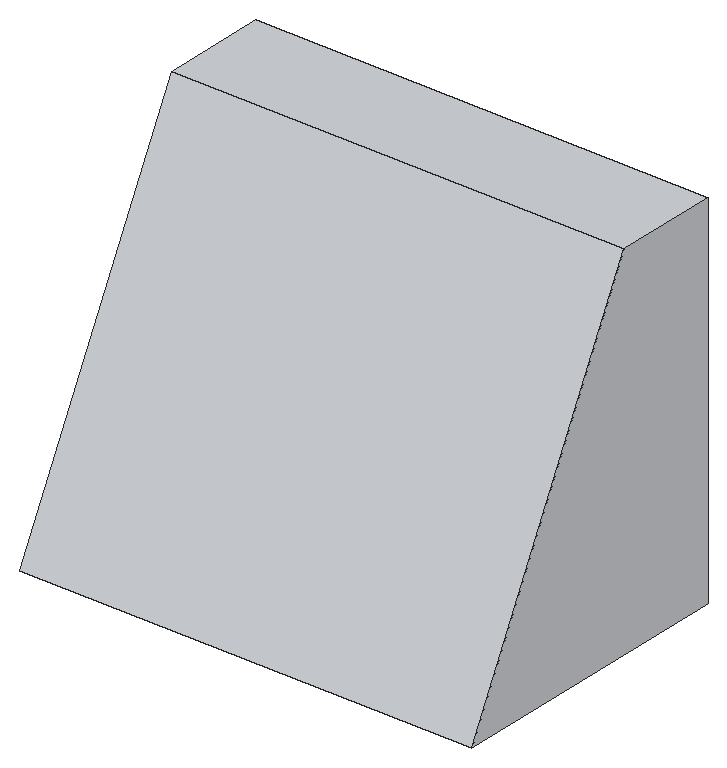
Revit family "Lighting Fixture Generic Model", category Lighting Fixtures, Revit 2022
Family settings
  Round Connector Dimension = Use Diameter
  Part Type = Normal
  OmniClass Number = 23.80.70.00
  OmniClass Title = Lighting
  Work Plane-Based = No
  Always vertical = Yes
  Cut with Voids When Loaded = No
  Light Source = Yes
  Maintain Annotation Orientation = No
  Shared = No
  Room Calculation Point = No
Parameters (values of type "DSWP_9''_40SP_40W_3000K_T4")
  Wattage Comments = "40W"
  Upper Width = 0' - 1 15/16"
  URL = "https://www.abovealllighting.com/Product/LED-OUTDOOR-FIXTURES/LED-WALL-PACK/DSWP.html"
  Model = "DSWP-40SP-SW8-SD-BK"
  Luminous Surface = 0' - 7.9"
  Lower Width = 0' - 5.43"
  Wattage = 34.6097 W
  built-in parameter 1150110 = 1 (stored number, unit not read)
  built-in parameter 1114217 = 1 (stored number, unit not read)
  Tilt Angle = 90.00°
  built-in parameter 1150109 = 1 (stored number, unit not read)
  built-in parameter 1150134 = (empty or 0)
  built-in parameter 1150113 = 1 (stored number, unit not read)
  Power Factor = "0.9"
  Photometric Web File = "G3 cutt off Wall pack 40W 3000K T4_IESNA2002.IES"
  Manufacturer = "Above All Lighting"  # constant formula
  Lumens = 5141 lm
  built-in parameter 1150115 = 1 (stored number, unit not read)
  built-in parameter 1150105 = 2111.2 (stored number, unit not read)
  Load Classification = Lighting
  built-in parameter 1150137 = (empty or 0)
  built-in parameter 1150139 = (empty or 0)
  Length = 0' - 8.3"
  built-in parameter 1150112 = 1 (stored number, unit not read)
  built-in parameter 1150114 = 1 (stored number, unit not read)
  Lamp = "LED"
  Input Voltage = "120V-347V"
  built-in parameter 1150132 = 2
  built-in parameter 1150102 = (empty or 0)
  built-in parameter 1150138 = (empty or 0)
  built-in parameter 1150107 = 3000 (stored number, unit not read)
  built-in parameter 1150106 = 21.112 (stored number, unit not read)
  IP Rating = "65"
  Height = 0' - 6.69"
  built-in parameter 1150104 = 13.8 (stored number, unit not read)
  Dimming Lamp Color Temperature Shift = <None>
  Default Elevation = 8' - 0"
  Color Filter = 16777215
  CRI = "80"
  built-in parameter 1114218 = 1 (stored number, unit not read)
  built-in parameter 1150133 = 10 (stored number, unit not read)
Types (28): name | Wattage Comments | Model | Luminous Surface | Lower Width | Wattage | Photometric Web File | Lumens | built-in parameter 1150105 | Length | built-in parameter 1150106 | Height
  (no name) | "40W" | "DSWP-40SP-SW8-SD-BK" | 0' - 7.9" | 0' - 5.43" | 34.6097 W | "G3 cutt off Wall pack 40W 3000K T4_IESNA2002.IES" | 5141 lm | 2111.2 (stored number, unit not read) | 0' - 8.3" | 21.112 (stored number, unit not read) | 0' - 6.69"
  DSWP_9''_40SP_25W_3000K_T2 | "25W" | "DSWP-40SP-SW8-SD-BK" | 0' - 7.9" | 0' - 5.43" | 22.3708 W | "G3 cutt off Wall pack 25W 3000K T2_IESNA2002.IES" | 3323 lm | 264.44 (stored number, unit not read) | 0' - 8.3" | 2.6444 (stored number, unit not read) | 0' - 6.69"
  DSWP_9''_40SP_25W_3000K_T3 | "25W" | "DSWP-40SP-SW8-SD-BK" | 0' - 7.9" | 0' - 5.43" | 21.9063 W | "G3 cutt off Wall pack 25W 3000K T3_IESNA2002.IES" | 3254 lm | 258.95 (stored number, unit not read) | 0' - 8.3" | 2.5895 (stored number, unit not read) | 0' - 6.69"
  DSWP_9''_40SP_25W_3000K_T4 | "25W" | "DSWP-40SP-SW8-SD-BK" | 0' - 7.9" | 0' - 5.43" | 21.2802 W | "G3 cutt off Wall pack 25W 3000K T4_IESNA2002.IES" | 3161 lm | 251.54 (stored number, unit not read) | 0' - 8.3" | 2.5154 (stored number, unit not read) | 0' - 6.69"
  DSWP_14''_60SP_40W_3000K_T2 | "40W" | "DSWP-60SP-SW8-SD-BK" | 1' - 1 3/32" | 0' - 5 55/64" | 37.2689 W | "G3 cutt off Wall pack 40W 3000K T2_IESNA2002.IES" | 5536 lm | 440.54 (stored number, unit not read) | 1' - 1 87/256" | 4.4054 (stored number, unit not read) | 0' - 8 67/256"
  DSWP_9''_40SP_30W_3000K_T2 | "30W" | "DSWP-40SP-SW8-SD-BK" | 0' - 7.9" | 0' - 5.43" | 26.7197 W | "G3 cutt off Wall pack 30W 3000K T2_IESNA2002.IES" | 3969 lm | 1766.6 (stored number, unit not read) | 0' - 8.3" | 17.666 (stored number, unit not read) | 0' - 6.69"
  DSWP_9''_40SP_30W_3000K_T3 | "30W" | "DSWP-40SP-SW8-SD-BK" | 0' - 7.9" | 0' - 5.43" | 26.8476 W | "G3 cutt off Wall pack 30W 3000K T3_IESNA2002.IES" | 3988 lm | 1775.8 (stored number, unit not read) | 0' - 8.3" | 17.758 (stored number, unit not read) | 0' - 6.69"
  DSWP_9''_40SP_30W_3000K_T4 | "30W" | "DSWP-40SP-SW8-SD-BK" | 0' - 7.9" | 0' - 5.43" | 25.6897 W | "G3 cutt off Wall pack 30W 3000K T4_IESNA2002.IES" | 3816 lm | 1574.3 (stored number, unit not read) | 0' - 8.3" | 15.743 (stored number, unit not read) | 0' - 6.69"
  DSWP_9''_40SP_40W_3000K_T2 | "40W" | "DSWP-40SP-SW8-SD-BK" | 0' - 7.9" | 0' - 5.43" | 35.155 W | "G3 cutt off Wall pack 40W 3000K T2_IESNA2002.IES" | 5222 lm | 2120.2 (stored number, unit not read) | 0' - 8.3" | 21.202 (stored number, unit not read) | 0' - 6.69"
  DSWP_9''_40SP_40W_3000K_T3 | "40W" | "DSWP-40SP-SW8-SD-BK" | 0' - 7.9" | 0' - 5.43" | 37.4978 W | "G3 cutt off Wall pack 40W 3000K T3_IESNA2002.IES" | 5570 lm | 2479.4 (stored number, unit not read) | 0' - 8.3" | 24.794 (stored number, unit not read) | 0' - 6.69"
  DSWP_9''_40SP_40W_3000K_T4 | "40W" | "DSWP-40SP-SW8-SD-BK" | 0' - 7.9" | 0' - 5.43" | 34.6097 W | "G3 cutt off Wall pack 40W 3000K T4_IESNA2002.IES" | 5141 lm | 2111.2 (stored number, unit not read) | 0' - 8.3" | 21.112 (stored number, unit not read) | 0' - 6.69"
  DSWP_14''_60SP_40W_3000K_T3 | "40W" | "DSWP-60SP-SW8-SD-BK" | 1' - 1 3/32" | 0' - 5 55/64" | 36.7169 W | "G3 cutt off Wall pack 40W 3000K T3_IESNA2002.IES" | 5454 lm | 434.02 (stored number, unit not read) | 1' - 1 87/256" | 4.3402 (stored number, unit not read) | 0' - 8 67/256"
  DSWP_14''_60SP_40W_3000K_T4 | "40W" | "DSWP-60SP-SW8-SD-BK" | 1' - 1 3/32" | 0' - 5 55/64" | 35.8417 W | "G3 cutt off Wall pack 40W 3000K T4_IESNA2002.IES" | 5324 lm | 423.67 (stored number, unit not read) | 1' - 1 87/256" | 4.2367 (stored number, unit not read) | 0' - 8 67/256"
  DSWP_14''_60SP_50W_3000K_T2 | "50W" | "DSWP-60SP-SW8-SD-BK" | 1' - 1 3/32" | 0' - 5 55/64" | 45.4417 W | "G3 cutt off Wall pack 50W 3000K T2_IESNA2002.IES" | 6750 lm | 2626.3 (stored number, unit not read) | 1' - 1 87/256" | 26.263 (stored number, unit not read) | 0' - 8 67/256"
  DSWP_14''_60SP_50W_3000K_T3 | "50W" | "DSWP-60SP-SW8-SD-BK" | 1' - 1 3/32" | 0' - 5 55/64" | 44.8493 W | "G3 cutt off Wall pack 50W 3000K T3_IESNA2002.IES" | 6662 lm | 3025.4 (stored number, unit not read) | 1' - 1 87/256" | 30.254 (stored number, unit not read) | 0' - 8 67/256"
  DSWP_14''_60SP_50W_3000K_T4 | "50W" | "DSWP-60SP-SW8-SD-BK" | 1' - 1 3/32" | 0' - 5 55/64" | 43.725 W | "G3 cutt off Wall pack 50W 3000K T4_IESNA2002.IES" | 6495 lm | 2645.8 (stored number, unit not read) | 1' - 1 87/256" | 26.458 (stored number, unit not read) | 0' - 8 67/256"
  DSWP_14''_60SP_60W_3000K_T2 | "60W" | "DSWP-60SP-SW8-SD-BK" | 1' - 1 3/32" | 0' - 5 55/64" | 55.9169 W | "G3 cutt off Wall pack 60W 3000K T2_IESNA2002.IES" | 8306 lm | 3217.9 (stored number, unit not read) | 1' - 1 87/256" | 32.179 (stored number, unit not read) | 0' - 8 67/256"
  DSWP_14''_60SP_60W_3000K_T3 | "60W" | "DSWP-60SP-SW8-SD-BK" | 1' - 1 3/32" | 0' - 5 55/64" | 54.8128 W | "G3 cutt off Wall pack 60W 3000K T3_IESNA2002.IES" | 8142 lm | 3715.3 (stored number, unit not read) | 1' - 1 87/256" | 37.153 (stored number, unit not read) | 0' - 8 67/256"
  DSWP_14''_60SP_60W_3000K_T4 | "60W" | "DSWP-60SP-SW8-SD-BK" | 1' - 1 3/32" | 0' - 5 55/64" | 53.6077 W | "G3 cutt off Wall pack 60W 3000K T4_IESNA2002.IES" | 7963 lm | 3237.7 (stored number, unit not read) | 1' - 1 87/256" | 32.377 (stored number, unit not read) | 0' - 8 67/256"
  DSWP_14''_100SP_60W_3000K_T2 | "60W" | "DSWP-100SP-SW8-SD-BK" | 1' - 1 3/32" | 0' - 5 55/64" | 56.2131 W | "G3 cutt off Wall pack 60W 3000K T2_IESNA2002.IES" | 8350 lm | 664.47 (stored number, unit not read) | 1' - 1 87/256" | 6.6447 (stored number, unit not read) | 0' - 8 67/256"
  DSWP_14''_100SP_60W_3000K_T3 | "60W" | "DSWP-100SP-SW8-SD-BK" | 1' - 1 3/32" | 0' - 5 55/64" | 56.0717 W | "G3 cutt off Wall pack 60W 3000K T3_IESNA2002.IES" | 8329 lm | 3775.5 (stored number, unit not read) | 1' - 1 87/256" | 37.755 (stored number, unit not read) | 0' - 8 67/256"
  DSWP_14''_100SP_60W_3000K_T4 | "60W" | "DSWP-100SP-SW8-SD-BK" | 1' - 1 3/32" | 0' - 5 55/64" | 54.9138 W | "G3 cutt off Wall pack 60W 3000K T4_IESNA2002.IES" | 8157 lm | 3288.4 (stored number, unit not read) | 1' - 1 87/256" | 32.884 (stored number, unit not read) | 0' - 8 67/256"
  DSWP_14''_100SP_80W_3000K_T2 | "80W" | "DSWP-100SP-SW8-SD-BK" | 1' - 1 3/32" | 0' - 5 55/64" | 72.2893 W | "G3 cutt off Wall pack 80W 3000K T2_IESNA2002.IES" | 10738 lm | 4164.3 (stored number, unit not read) | 1' - 1 87/256" | 41.643 (stored number, unit not read) | 0' - 8 67/256"
  DSWP_14''_100SP_80W_3000K_T3 | "80W" | "DSWP-100SP-SW8-SD-BK" | 1' - 1 3/32" | 0' - 5 55/64" | 73.1241 W | "G3 cutt off Wall pack 80W 3000K T3_IESNA2002.IES" | 10862 lm | 4924.3 (stored number, unit not read) | 1' - 1 87/256" | 49.243 (stored number, unit not read) | 0' - 8 67/256"
  DSWP_14''_100SP_80W_3000K_T4 | "80W" | "DSWP-100SP-SW8-SD-BK" | 1' - 1 3/32" | 0' - 5 55/64" | 71.2324 W | "G3 cutt off Wall pack 80W 3000K T4_IESNA2002.IES" | 10581 lm | 4270 (stored number, unit not read) | 1' - 1 87/256" | 42.7 (stored number, unit not read) | 0' - 8 67/256"
  DSWP_14''_100SP_100W_3000K_T2 | "100W" | "DSWP-100SP-SW8-SD-BK" | 1' - 1 3/32" | 0' - 5 55/64" | 85.316 W | "G3 cutt off Wall pack 100W 3000K T2_IESNA2002.IES" | 12673 lm | 4904.4 (stored number, unit not read) | 1' - 1 87/256" | 49.044 (stored number, unit not read) | 0' - 8 67/256"
  DSWP_14''_100SP_100W_3000K_T3 | "100W" | "DSWP-100SP-SW8-SD-BK" | 1' - 1 3/32" | 0' - 5 55/64" | 88.3791 W | "G3 cutt off Wall pack 100W 3000K T3_IESNA2002.IES" | 13128 lm | 5951.1 (stored number, unit not read) | 1' - 1 87/256" | 59.511 (stored number, unit not read) | 0' - 8 67/256"
  DSWP_14''_100SP_100W_3000K_T4 | "100W" | "DSWP-100SP-SW8-SD-BK" | 1' - 1 3/32" | 0' - 5 55/64" | 84.8784 W | "G3 cutt off Wall pack 100W 3000K T4_IESNA2002.IES" | 12608 lm | 5081.9 (stored number, unit not read) | 1' - 1 87/256" | 50.819 (stored number, unit not read) | 0' - 8 67/256"
Reference planes (in)
  plane 1 "Light Source Axis (F/B)": y = 0
  plane 2: z = 0
  plane 3 "Light Source Axis (L/R)": x = 0
  plane 4 "Light Source Elevation": z = 54
  plane 5: y = 2.715
  plane 6: y = -2.715
  plane 7: y = 0.7775
  plane 8: z = 60.69
  plane 9: z = 54
  plane 10: x = 4.15
  plane 11: x = -4.15
  plane 12: x = -3.95
  plane 13: x = 3.95
Forms (in)
  Extrusion 1, solid
    sketch origin (-4.15, 0, 3.345) x (0, 1, 0) y (0, 0, 1)
      loop
        line (2.715, 57.345) -> (0.7775, 57.345) -> (-2.715, 50.655) -> (2.715, 50.655) -> (2.715, 57.345)
    from 0 to 8.3
  Extrusion 2, void
    sketch origin (-3.9125, 0, 0) x (0, 1, 0) y (0, 0, 1)
      loop
        line (2.51578, 54) -> (2.51578, 54.5) -> (-2.22924, 54.5) -> (-2.49027, 54) -> (2.51578, 54)
    from -0.0375 to 7.8625
  Extrusion 3, solid, material "Glass, White, High Luminance"
    sketch origin (-3.95, 0, 0) x (0, 1, 0) y (0, 0, 1)
      loop
        line (2.51578, 54.5) -> (-2.22924, 54.5) -> (-2.35976, 54.25) -> (2.51578, 54.25) -> (2.51578, 54.5)
    from 0 to 7.9
  Extrusion 4, void
    sketch origin (-6.66992, 0, 0) x (0, 1, 0) y (0, 0, 1)
      loop
        arc (2.0629, 57.95014) -> (1.50881, 59.21866) -> (0.99663, 57.93265) r 0.75
        arc (0.99663, 57.93265) -> (1.04243, 57.82139) -> (0.99663, 57.71013) r 0.15803
        arc (0.99663, 57.71013) -> (1.50881, 56.42411) -> (2.0629, 57.69263) r 0.75
        arc (2.0629, 57.69263) -> (2.01565, 57.82139) -> (2.0629, 57.95014) r 0.19905
      loop
        circle (1.52112, 58.46876) r 0.5489
      loop
        circle (1.51663, 57.15953) r 0.5489
      loop
        line (1.89506, 58.53797) -> (1.56858, 58.53797) -> (1.56858, 58.84961) -> (1.4558, 58.84961) -> (1.4558, 58.53797) -> (1.13525, 58.53797) -> (1.13525, 58.42222) -> (1.4558, 58.42222) -> (1.4558, 58.10761) -> (1.56858, 58.10761) -> (1.56858, 58.42222) -> (1.89506, 58.42222) -> (1.89506, 58.53797)
      loop
        line (1.89506, 57.20747) -> (1.56858, 57.20747) -> (1.56858, 57.51911) -> (1.4558, 57.51911) -> (1.4558, 57.20747) -> (1.13525, 57.20747) -> (1.13525, 57.09172) -> (1.4558, 57.09172) -> (1.4558, 56.80664) -> (1.56858, 56.80664) -> (1.56858, 57.09172) -> (1.89506, 57.09172) -> (1.89506, 57.20747)
    from 0 to 2.71992
Cuts and joins
  Extrusion 2, Extrusion 4 cuts Extrusion 1
Dimensions and locks (in)
  "Lower Width": plane 5 to plane 6
  "Height": plane 9 to plane 8
  "Upper Width": plane 5 to plane 7
  "Length": plane 11 to plane 10
  "Luminous Surface": plane 12 to plane 13
  equal spacing: plane 5, imposter light, plane 6
  equal spacing: plane 11, plane 3 "Light Source Axis (L/R)", plane 10
  equal spacing: plane 12, plane 3 "Light Source Axis (L/R)", plane 13
  aligned and locked: plane 4 "Light Source Elevation" to imposter light
  aligned and locked: level to plane 2
  aligned and locked: Extrusion 1 to plane 8
  aligned and locked: plane 9 to Extrusion 1
  aligned and locked: Extrusion 1 to plane 5
  aligned and locked: plane 10 to Extrusion 1
  aligned and locked: plane 11 to Extrusion 1
  aligned and locked: plane 4 "Light Source Elevation" to plane 9
  aligned and locked: plane 13 to cut or joined group of Extrusion 1, Extrusion 2, Extrusion 4  (x2)
  aligned and locked: cut or joined group of Extrusion 1, Extrusion 2, Extrusion 4 to plane 12
  aligned and locked: cut or joined group of Extrusion 1, Extrusion 2, Extrusion 4 to Extrusion 3  (x2)
  aligned and locked: cut or joined group of Extrusion 1, Extrusion 2, Extrusion 4 to cut or joined group of Extrusion 1, Extrusion 2, Extrusion 4
  aligned and locked: plane 12 to cut or joined group of Extrusion 1, Extrusion 2, Extrusion 4
Automatic sketch dimensions
  plane 4 "Light Source Elevation" to Extrusion 1 sketch curve = 0' - 0"
  Extrusion 1 sketch curve to plane 6 = 0' - 0"
  Extrusion 1 sketch curve to plane 7 = 0' - 0"
  Extrusion 1 sketch curve to plane 5 = 0' - 0"
  plane 8 to Extrusion 1 sketch curve = 0' - 0"
  plane 4 "Light Source Elevation" to Extrusion 2 sketch curve = 0' - 0"
  plane 6 to Extrusion 2 sketch curve = 0' - 0.22473"
  plane 6 to Extrusion 2 sketch curve = 0' - 0.48576"
  plane 5 to Extrusion 2 sketch curve = 0' - 0 51/256"
  Extrusion 2 sketch curve to plane 4 "Light Source Elevation" = 0' - 0 1/2"
  plane 6 to Extrusion 3 sketch curve = 0' - 0.35524"
  Extrusion 3 sketch curve to Extrusion 3 sketch curve = 0' - 0.13051"
  plane 5 to Extrusion 3 sketch curve = 0' - 0 51/256"
  Extrusion 3 sketch curve to plane 4 "Light Source Elevation" = 0' - 0 1/4"
  Extrusion 3 sketch curve to Extrusion 3 sketch curve = 0' - 0 1/4"
  Extrusion 4 sketch curve to Extrusion 4 sketch curve = 0' - 0"  (x6)
  Extrusion 4 sketch curve to plane 7 = 0' - 0.1069"
  Extrusion 4 sketch curve to plane 7 = 0' - 0.35775"  (x2)
  Extrusion 4 sketch curve to Extrusion 4 sketch curve = 0' - 0.32055"  (x2)
  Extrusion 4 sketch curve to Extrusion 4 sketch curve = 0' - 0.06083"
  Extrusion 4 sketch curve to Extrusion 4 sketch curve = 0' - 0.06532"
  Extrusion 4 sketch curve to Extrusion 4 sketch curve = 0' - 0.00449"
  Extrusion 4 sketch curve to Extrusion 4 sketch curve = 0' - 0.04747"  (x2)
  Extrusion 4 sketch curve to Extrusion 4 sketch curve = 0' - 0.11278"  (x2)
  Extrusion 4 sketch curve to Extrusion 4 sketch curve = 0' - 0.32648"  (x2)
  plane 5 to Extrusion 4 sketch curve = 0' - 0.5003"
  Extrusion 4 sketch curve to plane 4 "Light Source Elevation" = 0' - 2.80664"
  Extrusion 4 sketch curve to Extrusion 4 sketch curve = 0' - 0.28508"
  Extrusion 4 sketch curve to Extrusion 4 sketch curve = 0' - 0.06781"
  Extrusion 4 sketch curve to Extrusion 4 sketch curve = 0' - 0.01448"
  Extrusion 4 sketch curve to Extrusion 4 sketch curve = 0' - 0.11575"  (x2)
  Extrusion 4 sketch curve to Extrusion 4 sketch curve = 0' - 0.03346"
  Extrusion 4 sketch curve to Extrusion 4 sketch curve = 0' - 0.31164"  (x2)
  Extrusion 4 sketch curve to Extrusion 4 sketch curve = 0' - 0.61391"
  Extrusion 4 sketch curve to Extrusion 4 sketch curve = 0' - 0.30227"
  Extrusion 4 sketch curve to Extrusion 4 sketch curve = 0' - 0.5885"
  Extrusion 4 sketch curve to Extrusion 4 sketch curve = 0' - 0.31461"
  Extrusion 4 sketch curve to Extrusion 4 sketch curve = 0' - 0.04654"
  Extrusion 4 sketch curve to Extrusion 4 sketch curve = 0' - 0.06921"
  Extrusion 4 sketch curve to Extrusion 4 sketch curve = 0' - 0.11223"  (x2)
  Extrusion 4 sketch curve to Extrusion 4 sketch curve = 0' - 0.1518"
  Extrusion 4 sketch curve to Extrusion 4 sketch curve = 0' - 0.12876"
  radius of Extrusion 4 sketch curve = 0' - 0.5489"  (x2)
